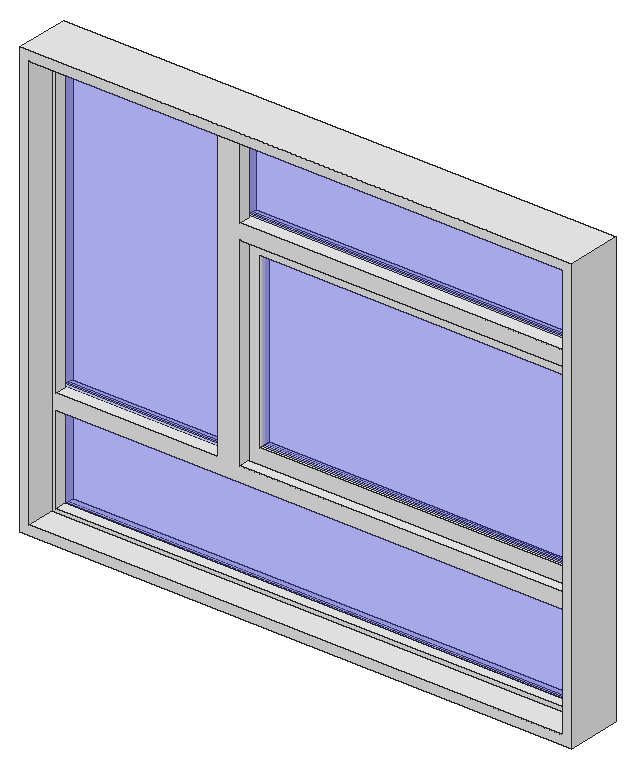
Revit family "7206fd5debd94474a8e6067b6623290f", category Windows, host Wall, Revit 2021
Family settings
  Host = Wall
  OmniClass Number = 23.30.20.00
  OmniClass Title = Windows
  Always vertical = Yes
  Cut with Voids When Loaded = No
  Shared = No
  Room Calculation Point = No
Parameters (values of type "61" x 48"")
  Window Inset [instance] = 0' - 0 5/8"
  Wall Thickness [instance] = 0' - 6"
  Visual Light Transmittance = 0.81
  Transom Height Ratio = 0.25
  Transom Height = Transom Height Ratio * Height  # 1' - 0"
  Thermal Resistance (R) = 1.8146 (h·ft²·°F)/BTU
  Solar Heat Gain Coefficient = 0.76
  Rough Width = Width + 0' 0 1/2"  # 5' - 1 1/2"
  Rough Height = Height + 0' 0 1/2"  # 4' - 0 1/2"
  Opening Window Width = Width / 3 * 2  # 3' - 4.66667"
  Opening Window Height = Height - Transom Height * 2  # 2' - 0"
  Heat Transfer Coefficient (U) = 0.5511 BTU/(h·ft²·°F)
  Frame Material = Metal - Aluminum
  Height = 4' - 0"
  Glass Panel Material = Glass
  Frame Gap 3 [instance] = Frame Gap 1 + 0' 0 1/4"  # 0' - 1 83/128"
  Frame Gap 2 [instance] = if(Window Inset > 0' 0 5/8", Window Inset, 0' 0 5/8")  # 0' - 0 5/8"
  Frame Gap 1 = 0' - 1 51/128"
  Fixed Window Width = Width / 3  # 1' - 8.33333"
  Fire Rating = "0.5h"
  Default Sill Height = 3' - 0"
  Wall Closure = By host
  Width = 5' - 1"
  Assembly Code = "B2020100"
  Analytic Construction = "Double glazing - domestic"
Types (4): name | Transom Height Ratio | Transom Height | Rough Width | Rough Height | Opening Window Width | Opening Window Height | Height | Fixed Window Width | Width
  (no name) | 0.25 | 1' - 0" | 5' - 1 1/2" | 4' - 0 1/2" | 3' - 4.66667" | 2' - 0" | 4' - 0" | 1' - 8.33333" | 5' - 1"
  72" x 53" | 0.3 | 1' - 3.9" | 6' - 0 1/2" | 4' - 5 1/2" | 4' - 0" | 1' - 9.2" | 4' - 5" | 2' - 0" | 6' - 0"
  61" x 48" | 0.25 | 1' - 0" | 5' - 1 1/2" | 4' - 0 1/2" | 3' - 4.66667" | 2' - 0" | 4' - 0" | 1' - 8.33333" | 5' - 1"
  85" x 60" | 0.3 | 1' - 6" | 7' - 1 1/2" | 5' - 0 1/2" | 4' - 8.66667" | 2' - 0" | 5' - 0" | 2' - 4.33333" | 7' - 1"
Reference planes (in)
  plane 1 "Center (Front/Back)": y = 0
  plane 2: z = 0
  plane 3 "Center (Left/Right)": x = 0
  plane 4 "Left": x = -30.5
  plane 5 "Right": x = 30.5
  plane 6 "Sill": z = 36
  plane 7 "Head": z = 84
  plane 8 "Exterior": y = 3
  plane 9 "Interior": y = -3
  plane 10 "Glass 1": y = 2.375
  plane 11: y = 0.15625
  plane 12: x = -29.5
  plane 13: x = 29.5
  plane 14: y = 1.375
  plane 15: x = -29.10156
  plane 16: x = 29.10156
  plane 17: x = -10.16667
  plane 18: x = 10.16667
  plane 19: x = -11.16667
  plane 20: x = -9.16667
  plane 21: x = -11.5651
  plane 22: x = -8.76823
  plane 23: z = 83
  plane 24: z = 37
  plane 25 "Sash Offset": y = 2.625
  plane 26: y = 3
  plane 27: x = -27.85156
  plane 28: x = -12.8151
  plane 29: x = -7.51823
  plane 30: x = 27.85156
  plane 31: z = 37.39844
  plane 32: z = 82.60156
  plane 33 "Lower Trasom": z = 48.82422
  plane 34 "Glass 2": y = 2.125
  plane 35 "Glass 3": y = 1.875
  plane 36 "Glass 4": y = 1.625
  plane 37: z = 60
  plane 38 "Mullion Offset": y = 2.875
  plane 39: z = 47.17578
  plane 40: z = 71.17578
  plane 41: z = 72.82422
  plane 42: z = 72
  plane 43: z = 48
Forms (in)
  Sweep 1, solid, material "Metal - Aluminum" <- "Frame Material"
    path origin (0, 0, 0) x (1, 0, 0) y (0, 0, 1)
      loop
        line (-30.5, 36) -> (30.5, 36) -> (30.5, 84) -> (-30.5, 84) -> (-30.5, 36)
    profile origin (-30.5, 0, 60) x (-1, 0, 0) y (0, -1, 0)
      loop
        line (0, -3) -> (0, 3) -> (-1, 3) -> (-1, -0.15625) -> (-1.39844, -0.15625) -> (-1.39844, -1.375) -> (-1, -1.375) -> (-1, -3) -> (0, -3)
  Extrusion 2, solid, material "Metal - Aluminum" <- "Frame Material"
    sketch origin (0, 0, 36) x (0, -1, 0) y (1, 0, 0)
      loop
        line (-2.875, -11.16667) -> (-0.15625, -11.16667) -> (-0.15625, -8.76823) -> (-1.375, -8.76823) -> (-1.375, -9.16667) -> (-2.875, -9.16667) -> (-2.875, -11.16667)
    from 12.82422 to 47
  Extrusion 3, solid, material "Glass" <- "Glass Panel Material"
    sketch origin (0, 0, 36) x (0, -1, 0) y (1, 0, 0)
      loop
        line (-2.375, -7.51823) -> (-2.125, -7.51823) -> (-2.125, 27.85156) -> (-2.375, 27.85156) -> (-2.375, -7.51823)
      loop
        line (-1.875, -7.51823) -> (-1.625, -7.51823) -> (-1.625, 27.85156) -> (-1.875, 27.85156) -> (-1.875, -7.51823)
    from 14.47266 to 33.52734
  Extrusion 4, solid, material "Metal - Aluminum" <- "Frame Material"
    sketch origin (-7.51823, 7.34112, 48) x (0, 1, 0) y (0, 0, 1)
      loop
        line (-4.46612, 0.82422) -> (-7.18487, 0.82422) -> (-7.18487, -0.82422) -> (-4.46612, -0.82422) -> (-4.46612, 0.82422)
    from -21.98177 to 37.01823
  Extrusion 5, solid, material "Glass" <- "Glass Panel Material"
    sketch origin (0, 0, 36) x (0, -1, 0) y (1, 0, 0)
      loop
        line (-2.375, -29.5) -> (-2.125, -29.5) -> (-2.125, -11.16667) -> (-2.375, -11.16667) -> (-2.375, -29.5)
      loop
        line (-1.875, -29.5) -> (-1.625, -29.5) -> (-1.625, -11.16667) -> (-1.875, -11.16667) -> (-1.875, -29.5)
    from 12.82422 to 47
  Extrusion 6, solid, material "Metal - Aluminum" <- "Frame Material"
    sketch origin (30.5, 0, 0) x (0, -1, 0) y (0, 0, 1)
      loop
        line (-2.875, 71.17578) -> (-0.15625, 71.17578) -> (-0.15625, 72.82422) -> (-2.875, 72.82422) -> (-2.875, 71.17578)
    from 1 to 39.66667
  Extrusion 7, solid, material "Glass" <- "Glass Panel Material"
    sketch origin (0, 0, 36) x (0, -1, 0) y (1, 0, 0)
      loop
        line (-1.875, -9.16667) -> (-1.625, -9.16667) -> (-1.625, 29.5) -> (-1.875, 29.5) -> (-1.875, -9.16667)
      loop
        line (-2.375, -9.16667) -> (-2.125, -9.16667) -> (-2.125, 29.5) -> (-2.375, 29.5) -> (-2.375, -9.16667)
    from 36.82422 to 47
  Extrusion 8, solid, material "Glass" <- "Glass Panel Material"
    sketch origin (0, 0, 36) x (0, -1, 0) y (1, 0, 0)
      loop
        line (-2.375, -29.5) -> (-2.125, -29.5) -> (-2.125, 29.5) -> (-2.375, 29.5) -> (-2.375, -29.5)
      loop
        line (-1.875, -29.5) -> (-1.625, -29.5) -> (-1.625, 29.5) -> (-1.875, 29.5) -> (-1.875, -29.5)
    from 1 to 11.17578
  Sweep 9, solid, material "Metal - Aluminum" <- "Frame Material"
    path origin (-18.69568, 2.625, 48) x (-1, 0, 0) y (0, 0, 1)
      loop
        line (-48.19568, 0.82422) -> (-9.52901, 0.82422) -> (-9.52901, 23.17578) -> (-48.19568, 23.17578) -> (-48.19568, 0.82422)
    profile origin (29.5, 2.625, 60) x (1, 0, 0) y (0, 1, 0)
      loop
        line (-1.64844, 0) -> (-1.64844, -1.25) -> (0, -1.25) -> (0, 0) -> (-1.64844, 0)
Cuts and joins
  joined: Sweep 1, Extrusion 2, Extrusion 4, Extrusion 6
Lines and regions (in)
  Opening 1
    outline origin (-60, -3, 0) x (1, 0, 0) y (0, 0, 1)
      loop
        line (29.5, 84) -> (29.5, 36) -> (90.5, 36) -> (90.5, 84) -> (29.5, 84)
  symbolic lines, style "Elevation Swing"
    curve 1: line (10.16667, 2.625, 71.17578) -> (29.5, 2.625, 48.82422)
    curve 2: line (10.16667, 2.625, 71.17578) -> (-9.16667, 2.625, 48.82422)
Text (in)
  text "EXTERIOR" at (-58.6888, 50.90694, 0), in view "Ref. Level"
  text "INTERIOR" at (-58.6888, -37.76638, 0), in view "Ref. Level"
  text "Exterior" at (0, 43.65631, 123.19604), in view "Left"
  text "Exterior" at (0, 18.29385, 125.04747), in view "Right"
Dimensions and locks (in)
  equal spacing: plane 4 "Left", plane 3 "Center (Left/Right)", plane 5 "Right"
  "Width": plane 4 "Left" to plane 5 "Right"
  "Height": plane 6 "Sill" to plane 7 "Head"
  "Default Sill Height": plane 2 to plane 6 "Sill"
  locked: plane 4 "Left" to plane 12 at 1
  locked: plane 13 to plane 5 "Right" at 1
  "Frame Gap 1": plane 4 "Left" to plane 15
  "Frame Gap 1": plane 16 to plane 5 "Right"
  locked: plane 14 to plane 11 at 1.21875
  equal spacing: plane 4 "Left", plane 17, plane 18, plane 5 "Right"
  locked: plane 19 to plane 17 at 1
  locked: plane 17 to plane 20 at 1
  "Frame Gap 1": plane 21 to plane 17
  "Frame Gap 1": plane 17 to plane 22
  locked: plane 7 "Head" to plane 23 at 1
  locked: plane 24 to plane 6 "Sill" at 1
  "Frame Gap 2": plane 26 to plane 10 "Glass 1"
  "Frame Gap 3": plane 12 to plane 27
  "Frame Gap 3": plane 28 to plane 19
  "Frame Gap 3": plane 20 to plane 29
  "Frame Gap 3": plane 30 to plane 13
  "Frame Gap 1": plane 6 "Sill" to plane 31
  "Frame Gap 1": plane 32 to plane 7 "Head"
  locked: plane 10 "Glass 1" to plane 34 "Glass 2" at 0.25
  locked: plane 34 "Glass 2" to plane 35 "Glass 3" at 0.25
  locked: plane 35 "Glass 3" to plane 36 "Glass 4" at 0.25
  locked: plane 10 "Glass 1" to plane 14 at 1
  locked: plane 25 "Sash Offset" to plane 10 "Glass 1" at 0.25
  locked: plane 38 "Mullion Offset" to plane 25 "Sash Offset" at 0.25
  "Frame Gap 3": plane 39 to plane 33 "Lower Trasom"
  "Frame Gap 3": plane 40 to plane 41
  equal spacing: plane 39, plane 37, plane 41
  "Window Inset": plane 8 "Exterior" to plane 10 "Glass 1"
  "Wall Thickness": host wall to host wall
  equal spacing: plane 40, plane 42, plane 41
  "Transom Height": plane 42 to plane 7 "Head"
  equal spacing: plane 39, plane 43, plane 33 "Lower Trasom"
  "Transom Height": plane 6 "Sill" to plane 43
  aligned and locked: plane 7 "Head" to Opening 1 sketch curve
  aligned and locked: plane 6 "Sill" to Opening 1 sketch curve  (x2)
  aligned and locked: plane 5 "Right" to Opening 1 sketch curve
  aligned and locked: plane 4 "Left" to Opening 1 sketch curve
  aligned and locked: level to plane 2
  aligned and locked: host wall to plane 8 "Exterior"
  aligned and locked: plane 9 "Interior" to host wall
  aligned and locked: Sweep 1 sketch curve to plane 4 "Left"  (x2)
  aligned and locked: plane 7 "Head" to Sweep 1 sketch curve  (x2)
  aligned and locked: plane 5 "Right" to Sweep 1 sketch curve  (x2)
  aligned and locked: plane 6 "Sill" to Sweep 1 sketch curve  (x2)
  aligned and locked: plane 4 "Left" to Sweep 1 sketch curve  (x2)
  aligned and locked: Sweep 1 sketch curve to plane 14
  aligned and locked: Sweep 1 sketch curve to plane 15
  aligned and locked: plane 11 to Sweep 1 sketch curve  (x2)
  aligned and locked: plane 9 "Interior" to Sweep 1 sketch curve  (x2)
  aligned and locked: plane 12 to Sweep 1 sketch curve  (x2)
  aligned and locked: plane 15 to Sweep 1 sketch curve
  aligned and locked: plane 14 to Sweep 1 sketch curve
  aligned and locked: Extrusion 2 to Sweep 1
  aligned and locked: plane 26 to Sweep 1 sketch curve  (x2)
  aligned and locked: plane 38 "Mullion Offset" to Extrusion 2
  aligned and locked: plane 13 to Extrusion 4
  aligned and locked: plane 10 "Glass 1" to Extrusion 5 sketch curve
  aligned and locked: Extrusion 5 sketch curve to plane 12  (x2)
  aligned and locked: Extrusion 5 sketch curve to plane 34 "Glass 2"
  aligned and locked: Extrusion 5 sketch curve to plane 35 "Glass 3"
  aligned and locked: Extrusion 5 sketch curve to plane 36 "Glass 4"
  aligned and locked: plane 19 to Extrusion 5 sketch curve
  aligned and locked: plane 23 to Extrusion 5
  aligned and locked: Extrusion 5 to plane 33 "Lower Trasom"
  aligned and locked: Extrusion 2 to plane 33 "Lower Trasom"
  aligned and locked: Extrusion 4 to plane 12
  aligned and locked: plane 13 to Extrusion 6
  aligned and locked: Extrusion 6 to plane 20
  aligned and locked: plane 33 "Lower Trasom" to Extrusion 4 sketch curve
  aligned and locked: Extrusion 4 sketch curve to plane 39
  aligned and locked: Extrusion 4 sketch curve to plane 11
  aligned and locked: Extrusion 2 sketch curve to plane 19
  aligned and locked: Extrusion 2 sketch curve to plane 11
  aligned and locked: Extrusion 2 sketch curve to plane 22
  aligned and locked: Extrusion 2 sketch curve to plane 38 "Mullion Offset"
  aligned and locked: plane 20 to Extrusion 2 sketch curve  (x2)
  aligned and locked: plane 14 to Extrusion 2 sketch curve  (x2)
  aligned and locked: plane 22 to Extrusion 2 sketch curve
  aligned and locked: plane 19 to Extrusion 2 sketch curve
  aligned and locked: plane 11 to Extrusion 2 sketch curve
  aligned and locked: Extrusion 7 to plane 41
  aligned and locked: plane 23 to Extrusion 7
  aligned and locked: plane 10 "Glass 1" to Extrusion 8 sketch curve
  aligned and locked: Extrusion 8 sketch curve to plane 12  (x2)
  aligned and locked: Extrusion 8 sketch curve to plane 34 "Glass 2"
  aligned and locked: plane 13 to Extrusion 8 sketch curve  (x2)
  aligned and locked: Extrusion 8 sketch curve to plane 35 "Glass 3"
  aligned and locked: Extrusion 8 sketch curve to plane 36 "Glass 4"
  aligned and locked: plane 39 to Extrusion 8
  aligned and locked: Extrusion 8 to plane 24
  aligned and locked: Sweep 9 sketch curve to profile plane
  aligned and locked: plane 30 to Sweep 9 sketch curve
  aligned and locked: Sweep 9 sketch curve to cut or joined group of Sweep 1, Extrusion 2, Extrusion 4, Extrusion 6
  aligned and locked: cut or joined group of Sweep 1, Extrusion 2, Extrusion 4, Extrusion 6 to Sweep 9 sketch curve
  aligned and locked: Sweep 9 sketch curve to plane 40
  aligned and locked: plane 33 "Lower Trasom" to Sweep 9 sketch curve  (x2)
  aligned and locked: plane 13 to Sweep 9 sketch curve  (x2)
  aligned and locked: Extrusion 3 to Sweep 9  (x2)
  aligned and locked: Extrusion 6 sketch curve to plane 38 "Mullion Offset"
  aligned and locked: Extrusion 6 sketch curve to plane 41
  aligned and locked: plane 40 to Extrusion 6 sketch curve
  aligned and locked: plane 11 to Extrusion 6 sketch curve
  aligned and locked: plane 41 to Extrusion 6 sketch curve
  aligned and locked: Extrusion 8 to Extrusion 7 sketch curve
  aligned and locked: Extrusion 7 sketch curve to plane 20  (x2)
  aligned and locked: Extrusion 7 sketch curve to Extrusion 8  (x4)
  aligned and locked: plane 10 "Glass 1" to Extrusion 7 sketch curve
  aligned and locked: plane 10 "Glass 1" to Extrusion 3 sketch curve
  aligned and locked: Extrusion 3 sketch curve to plane 29  (x2)
  aligned and locked: Extrusion 8 to Extrusion 3 sketch curve  (x3)
  aligned and locked: plane 30 to Extrusion 3 sketch curve  (x2)
  aligned and locked: plane 20 to Sweep 9 sketch curve  (x2)
  aligned and locked: plane 40 to Sweep 9 sketch curve
  aligned and locked: plane 40 to curve 2
  aligned and locked: plane 18 to curve 2
  aligned and locked: plane 33 "Lower Trasom" to curve 1
  aligned and locked: plane 13 to curve 1
  aligned and locked: plane 33 "Lower Trasom" to curve 2
  aligned and locked: plane 20 to curve 2
  aligned and locked: plane 17 to nested 1
  aligned and locked: nested 1 to plane 8 "Exterior"
  aligned and locked: nested 2 to plane 4 "Left"
  aligned and locked: plane 33 "Lower Trasom" to nested 2
  aligned and locked: nested 2 to plane 8 "Exterior"
  aligned and locked: nested 3 to plane 8 "Exterior"
  aligned and locked: nested 3 to plane 4 "Left"
  aligned and locked: nested 3 to plane 7 "Head"
  aligned and locked: plane 40 to nested 1
  aligned and locked: plane 38 "Mullion Offset" to Extrusion 4 sketch curve
Automatic sketch dimensions
  Extrusion 5 sketch curve to plane 34 "Glass 2" = 0' - 0"
  Extrusion 5 sketch curve to plane 19 = 0' - 0"
Nested families (in)
  nested 1: "Plan-Awning" at (10.16667, 3, 47.17578), Window Inset <- "Window Inset", Width <- "Opening Window Width", Height <- "Opening Window Height", Wall Thickness <- "Wall Thickness", type "Plan-Awning"
    with Window Inset of 3D 0' - 0 1/8", Window Inset 0' - 0 5/8", Width 3' - 4.66667", Wall Thickness 0' - 6", Top Line no, Right Line yes, Left Line no, Height 2' - 0", Bottom Line no
  nested 2: "Plan-Fixed_Simple" at (-20.33333, 3, 36.82422), Window Inset <- "Window Inset", Width <- "Fixed Window Width", Height <- "Transom Height", Wall Thickness <- "Wall Thickness", type "Plan-Fixed_Simple"
    with Window Inset of 3D 0' - 0 1/8", Window Inset 0' - 0 5/8", Width 1' - 8.33333", Wall Thickness 0' - 6", Top Line no, Right Line no, Left Line yes, Height 1' - 0", Bottom Line yes
  nested 3: "Plan-Fixed_Simple" at (-20.33333, 3, 72), Window Inset <- "Window Inset", Width <- "Fixed Window Width", Height <- "Transom Height", Wall Thickness <- "Wall Thickness", type "Plan-Fixed_Simple"
    with Window Inset of 3D 0' - 0 1/8", Window Inset 0' - 0 5/8", Width 1' - 8.33333", Wall Thickness 0' - 6", Top Line yes, Right Line no, Left Line yes, Height 1' - 0", Bottom Line no
Definition of nested family "Plan-Awning"
  Parameters (values of type "Plan-Awning")
    Window Inset [instance] = 0' - 2"
    Window Inset of 3D [instance] = if(Window Inset - 0' 0 1/2" < 0' 0", 0' 0", if(Window Inset - 0' 0 1/2" < Wall Thickness - 0' 3 1/2", Window Inset - 0' 0 1/2", Wall Thickness - 0' 3 1/2"))  # 0' - 1 1/2"
    Width [instance] = 4' - 0"
    Wall Thickness [instance] = 0' - 6"
    Top Line [instance] = yes
    Rough Width = 3' - 0 1/2"
    Rough Height = 3' - 0 1/2"
    Right Line [instance] = yes
    Left Line [instance] = yes
    Height [instance] = 4' - 0"
    Default Elevation = 4' - 0"
    Bottom Line [instance] = yes
    Analytic Construction = "<None>"
  Reference planes (in)
    plane 1 "Center (Front/Back)": y = 0
    plane 2: z = 0
    plane 3 "Center (Left/Right)": x = 0
    plane 4: x = -24
    plane 5: x = 24
    plane 6 "Jamb": y = -5
    plane 7: x = -23.5
    plane 8: x = -22.75
    plane 9: y = -1.5
    plane 10: y = -3.25
    plane 11: y = -2.375
    plane 12: x = -21.25
    plane 13: x = 23.5
    plane 14: x = 22.75
    plane 15: x = 21.25
    plane 16 "Window Inset": y = -2
    plane 17 "Wall": y = -6
    plane 18: z = 48
    plane 19: z = 47.5
    plane 20: z = 0.5
    plane 21: z = 46.75
    plane 22: z = 1.25
    plane 23: z = 45.25
    plane 24: z = 2.75
    plane 25: z = 24
  Lines and regions (in)
    Masking region 1
      outline origin (0, 0.75, 0) x (1, 0, 0) y (0, 1, 0)
        loop
          line (-24, -6.75) -> (24, -6.75) -> (24, -0.75) -> (-24, -0.75) -> (-24, -6.75)
    Masking region 2
      outline origin (0, 0, 0) x (0, 1, 0) y (0, 0, 1)
        loop
          line (-6, 48) -> (-6, 0) -> (0, 0) -> (0, 48) -> (-6, 48)
    symbolic lines
      curve 1: line (-23.5, -3.25, 0) -> (-22.75, -3.25, 0)
      curve 2: line (-22.75, -3.25, 0) -> (-22.75, -5, 0)
      curve 3: line (-23.5, -1.5, 0) -> (-23.5, -3.25, 0)
      curve 4: line (-21.25, -1.5, 0) -> (-21.25, -3.25, 0)
      curve 5: line (-21.25, -3.25, 0) -> (-22.75, -3.25, 0)
      curve 6: line (-21.25, -2.375, 0) -> (21.25, -2.375, 0)
      curve 7: line (22.75, -3.25, 0) -> (22.75, -5, 0)
      curve 8: line (23.5, -1.5, 0) -> (23.5, -3.25, 0)
      curve 9: line (21.25, -1.5, 0) -> (21.25, -3.25, 0)
      curve 10: line (21.25, -3.25, 0) -> (23.5, -3.25, 0)
      curve 11: line (-24, -5, 0) -> (-22.75, -5, 0)
      curve 12: line (22.75, -5, 0) -> (-22.75, -5, 0)
      curve 13: line (0, -3.25, 46.75) -> (0, -5, 46.75)
      curve 14: line (0, -5, 0) -> (0, -5, 1.25)
      curve 15: line (0, -1.5, 0.5) -> (0, -3.25, 0.5)
      curve 16: line (0, -3.25, 0.5) -> (0, -3.25, 2.75)
      curve 17: line (0, -3.25, 1.25) -> (0, -5, 1.25)
      curve 18: line (0, -1.5, 48) -> (0, -1.5, 45.25)
      curve 19: line (0, -1.5, 45.25) -> (0, -3.25, 45.25)
      curve 20: line (0, -3.25, 2.75) -> (0, -1.5, 2.75)
      curve 21: line (0, -2.375, 2.75) -> (0, -2.375, 45.25)
      curve 22: line (0, -3.25, 47.5) -> (0, -3.25, 45.25)
      curve 23: line (21.25, -1.5, 0) -> (24, -1.5, 0)
      curve 24: line (21.25, -1.5, 0) -> (-21.25, -1.5, 0)
      curve 25: line (0, -1.5, 2.75) -> (0, -1.5, 0)
      curve 26: line (-21.25, -1.5, 0) -> (-24, -1.5, 0)
      curve 27: line (0, -1.5, 45.25) -> (0, -1.5, 2.75)
      curve 28: arc (0, -1.5, 0.5) -> (0, 7.027, 2.445) -> (0, 14.25352, 7.37148) r 23.51628
      curve 29: line (0, -2.375, 24) -> (0, 14.25352, 7.37148)
      curve 30: arc (0, -3.25, 47.5) -> (0, -11.777, 45.555) -> (0, -19.00352, 40.62852) r 23.51628
      curve 31: line (0, -2.375, 24) -> (0, -19.00352, 40.62852)
      curve 36: line (22.75, -5, 0) -> (24, -5, 0)
      curve 37: line (0, -1.5, 47.5) -> (0, -3.25, 47.5)
      curve 38: line (0, -5, 46.75) -> (0, -5, 48)
      curve 39: line (0, -5, 1.25) -> (0, -5, 46.75)
    symbolic lines, visible <- "Top Line"
      curve 32: line (0, 0, 48) -> (0, -6, 48)
    symbolic lines, visible <- "Bottom Line"
      curve 33: line (0, 0, 0) -> (0, -6, 0)
    symbolic lines, visible <- "Left Line"
      curve 34: line (-24, 0, 0) -> (-24, -6, 0)
    symbolic lines, visible <- "Right Line"
      curve 35: line (24, 0, 0) -> (24, -6, 0)
  Dimensions and locks (in)
    "Width": plane 4 to plane 5
    equal spacing: plane 4, plane 3 "Center (Left/Right)", plane 5
    plane 4 to plane 7 to plane 8 = 0' - 0 1/2" locked, 0' - 0 3/4" locked
    equal spacing: plane 9, plane 11, plane 10
    locked: plane 7 to plane 12 at 2.25
    plane 5 to plane 13 to plane 14 = 0' - 0 1/2" locked, 0' - 0 3/4" locked
    locked: plane 13 to plane 15 at 2.25
    locked: plane 9 to plane 16 "Window Inset" at 0.5
    locked: plane 9 to plane 10 at 1.75
    "Wall Thickness": plane 17 "Wall" to plane 1 "Center (Front/Back)"
    "Height": plane 18 to plane 2
    locked: plane 18 to plane 19 at 0.5
    locked: plane 20 to plane 2 at 0.5
    locked: plane 19 to plane 21 at 0.75
    locked: plane 22 to plane 20 at 0.75
    locked: plane 19 to plane 23 at 2.25
    locked: plane 24 to plane 20 at 2.25
    locked: plane 10 to plane 6 "Jamb" at 1.75
    "Window Inset of 3D": plane 9 to plane 1 "Center (Front/Back)"
    equal spacing: plane 18, plane 25, plane 2
    locked: curve 29 to plane 11 (angle 45.00°)
    locked: curve 31 to plane 11 (angle 45.00°)
    aligned and locked: plane 2 to level
    aligned and locked: curve 2 to plane 8
    aligned and locked: curve 1 to plane 10
    aligned and locked: plane 4 to Masking region 1 sketch curve
    aligned and locked: Masking region 1 sketch curve to plane 5
    aligned and locked: plane 14 to curve 7
    aligned and locked: Masking region 1 sketch curve to plane 17 "Wall"
    aligned and locked: plane 1 "Center (Front/Back)" to Masking region 1 sketch curve
    aligned and locked: Masking region 2 sketch curve to plane 18
    aligned and locked: plane 17 "Wall" to Masking region 2 sketch curve
    aligned and locked: level to Masking region 2 sketch curve
    aligned and locked: plane 6 "Jamb" to curve 14
    aligned and locked: plane 21 to curve 13
    aligned and locked: plane 22 to curve 17  (x2)
    aligned and locked: plane 10 to curve 16  (x2)
    aligned and locked: plane 20 to curve 15
    aligned and locked: curve 18 to plane 9
    aligned and locked: plane 23 to curve 19
    aligned and locked: curve 20 to plane 24
    aligned and locked: plane 11 to curve 21
    aligned and locked: plane 18 to curve 18
    aligned and locked: plane 9 to curve 15
    aligned and locked: plane 9 to curve 3
    aligned and locked: plane 19 to curve 22
    aligned and locked: plane 23 to curve 22
    aligned and locked: plane 9 to curve 24
    aligned and locked: plane 4 to curve 26
    aligned and locked: plane 9 to curve 25
    aligned and locked: plane 24 to curve 25
    aligned and locked: plane 2 to curve 25
    aligned and locked: curve 4 to plane 12
    aligned and locked: plane 24 to curve 27
    aligned and locked: plane 25 to curve 29
    aligned and locked: plane 25 to curve 31
    aligned and locked: plane 11 to curve 31
    aligned and locked: plane 1 "Center (Front/Back)" to curve 32
    aligned and locked: plane 17 "Wall" to curve 32
    aligned and locked: curve 32 to plane 18
    aligned and locked: plane 17 "Wall" to curve 33
    aligned and locked: plane 1 "Center (Front/Back)" to curve 33
    aligned and locked: curve 33 to plane 2
    aligned and locked: plane 4 to curve 11
    aligned and locked: plane 17 "Wall" to curve 35
    aligned and locked: curve 35 to plane 5
    aligned and locked: plane 5 to curve 36
    aligned and locked: plane 14 to curve 36
    aligned and locked: curve 36 to plane 6 "Jamb"
    aligned and locked: plane 17 "Wall" to curve 34
    aligned and locked: plane 9 to curve 37
    aligned and locked: plane 10 to curve 37
    aligned and locked: curve 37 to plane 19
    aligned and locked: plane 1 "Center (Front/Back)" to curve 35
    aligned and locked: plane 1 "Center (Front/Back)" to curve 34
    aligned and locked: plane 22 to curve 39
    aligned and locked: plane 21 to curve 38
    aligned and locked: curve 39 to plane 6 "Jamb"
    aligned and locked: curve 38 to plane 6 "Jamb"
  Automatic sketch dimensions
    curve 28 to curve 30 = 0' - 0"  (x2)
    curve 17 to plane 6 "Jamb" = 0' - 0"
    curve 13 to plane 6 "Jamb" = 0' - 0"
    curve 30 to plane 11 = 0' - 0"
    curve 28 to plane 20 = 0' - 0"
    curve 30 to plane 25 = 0' - 0"
    curve 3 to plane 7 = 0' - 0"
    curve 9 to plane 15 = 0' - 0"
    curve 8 to plane 10 = 0' - 0"
    curve 8 to plane 13 = 0' - 0"
    curve 6 to plane 11 = 0' - 0"
    Masking region 2 sketch curve to plane 1 "Center (Front/Back)" = 0' - 0"
Definition of nested family "Plan-Fixed_Simple"
  Parameters (values of type "Plan-Fixed_Simple")
    Window Inset [instance] = 0' - 1"
    Window Inset of 3D [instance] = if(Window Inset - 0' 0 1/2" < 0' 0", 0' 0", if(Window Inset - 0' 0 1/2" < Wall Thickness - 0' 3 1/2", Window Inset - 0' 0 1/2", Wall Thickness - 0' 3 1/2"))  # 0' - 0 1/2"
    Width [instance] = 4' - 0"
    Wall Thickness [instance] = 0' - 6"
    Top Line [instance] = yes
    Right Line [instance] = yes
    Left Line [instance] = yes
    Height [instance] = 3' - 0"
    Default Elevation = 4' - 0"
    Bottom Line [instance] = yes
    Analytic Construction = "<None>"
  Reference planes (in)
    plane 1 "Center (Front/Back)": y = 0
    plane 2: z = 0
    plane 3 "Center (Left/Right)": x = 0
    plane 4: x = -24
    plane 5: x = 24
    plane 6 "Jamb": y = -4
    plane 7: x = -23.5
    plane 8: y = -0.5
    plane 9: y = -2.25
    plane 10: y = -1.375
    plane 11: x = 23.5
    plane 12 "Window Inset": y = -1
    plane 13 "Wall": y = -6
    plane 14: z = 36
    plane 15: z = 35.5
    plane 16: z = 0.5
    plane 17: z = 34.75
    plane 18: z = 1.25
    plane 19: z = 33.25
    plane 20: z = 2.75
  Lines and regions (in)
    Masking region 1
      outline origin (0, 0.75, 0) x (1, 0, 0) y (0, 1, 0)
        loop
          line (-24, -0.75) -> (-24, -6.75) -> (24, -6.75) -> (24, -0.75) -> (-24, -0.75)
    Masking region 2
      outline origin (0, 0, 0) x (0, 1, 0) y (0, 0, 1)
        loop
          line (-6, 0) -> (0, 0) -> (0, 36) -> (-6, 36) -> (-6, 0)
    symbolic lines
      curve 1: line (-23.5, -0.5, 0) -> (-23.5, -4, 0)
      curve 2: line (-23.5, -1.375, 0) -> (23.5, -1.375, 0)
      curve 3: line (23.5, -0.5, 0) -> (23.5, -4, 0)
      curve 4: line (-24, -4, 0) -> (-23.5, -4, 0)
      curve 5: line (23.5, -4, 0) -> (24, -4, 0)
      curve 6: line (23.5, -4, 0) -> (-23.5, -4, 0)
      curve 7: line (0, -0.5, 35.5) -> (0, -4, 35.5)
      curve 8: line (0, -4, 0.5) -> (0, -4, 35.5)
      curve 9: line (0, -0.5, 0.5) -> (0, -4, 0.5)
      curve 10: line (0, -0.5, 36) -> (0, -0.5, 35.5)
      curve 11: line (0, -1.375, 0.5) -> (0, -1.375, 35.5)
      curve 12: line (23.5, -0.5, 0) -> (24, -0.5, 0)
      curve 13: line (-23.5, -0.5, 0) -> (-24, -0.5, 0)
      curve 14: line (0, -0.5, 0.5) -> (0, -0.5, 0)
      curve 15: line (-23.5, -0.5, 0) -> (23.5, -0.5, 0)
      curve 16: line (0, -0.5, 0.5) -> (0, -0.5, 35.5)
      curve 17: line (0, -4, 0.5) -> (0, -4, 0)
      curve 18: line (0, -4, 35.5) -> (0, -4, 36)
    symbolic lines, visible <- "Left Line"
      curve 19: line (-24, 0, 0) -> (-24, -6, 0)
    symbolic lines, visible <- "Right Line"
      curve 20: line (24, 0, 0) -> (24, -6, 0)
    symbolic lines, visible <- "Top Line"
      curve 21: line (0, 0, 36) -> (0, -6, 36)
    symbolic lines, visible <- "Bottom Line"
      curve 22: line (0, 0, 0) -> (0, -6, 0)
  Dimensions and locks (in)
    "Width": plane 4 to plane 5
    equal spacing: plane 4, plane 3 "Center (Left/Right)", plane 5
    locked: plane 4 to plane 7 at 0.5
    equal spacing: plane 8, plane 10, plane 9
    locked: plane 5 to plane 11 at 0.5
    locked: plane 8 to plane 12 "Window Inset" at 0.5
    locked: plane 8 to plane 9 at 1.75
    "Wall Thickness": plane 13 "Wall" to plane 1 "Center (Front/Back)"
    "Height": plane 14 to plane 2
    locked: plane 14 to plane 15 at 0.5
    locked: plane 16 to plane 2 at 0.5
    locked: plane 15 to plane 17 at 0.75
    locked: plane 18 to plane 16 at 0.75
    locked: plane 15 to plane 19 at 2.25
    locked: plane 20 to plane 16 at 2.25
    locked: plane 9 to plane 6 "Jamb" at 1.75
    "Window Inset of 3D": plane 8 to plane 1 "Center (Front/Back)"
    aligned and locked: plane 2 to level
    aligned and locked: Masking region 1 sketch curve to plane 13 "Wall"
    aligned and locked: curve 4 to plane 6 "Jamb"
    aligned and locked: curve 5 to plane 6 "Jamb"
    aligned and locked: plane 1 "Center (Front/Back)" to Masking region 1 sketch curve  (x2)
    aligned and locked: plane 13 "Wall" to Masking region 2 sketch curve  (x2)
    aligned and locked: plane 6 "Jamb" to curve 8
    aligned and locked: plane 15 to curve 7
    aligned and locked: plane 16 to curve 9
    aligned and locked: curve 10 to plane 8
    aligned and locked: plane 10 to curve 11
    aligned and locked: plane 5 to curve 12
    aligned and locked: plane 14 to curve 10
    aligned and locked: plane 8 to curve 7
    aligned and locked: plane 4 to curve 13
    aligned and locked: plane 8 to curve 14
    aligned and locked: plane 2 to curve 14
    aligned and locked: curve 1 to plane 7
    aligned and locked: plane 11 to curve 3
    aligned and locked: curve 15 to plane 8
    aligned and locked: curve 18 to plane 6 "Jamb"
    aligned and locked: plane 4 to Masking region 1 sketch curve
    aligned and locked: Masking region 1 sketch curve to plane 5
    aligned and locked: plane 14 to Masking region 2 sketch curve
    aligned and locked: Masking region 2 sketch curve to plane 2
    aligned and locked: plane 13 "Wall" to Masking region 1 sketch curve
    aligned and locked: plane 1 "Center (Front/Back)" to curve 19
    aligned and locked: plane 13 "Wall" to curve 19
    aligned and locked: curve 19 to plane 4
    aligned and locked: plane 1 "Center (Front/Back)" to curve 20
    aligned and locked: plane 13 "Wall" to curve 20
    aligned and locked: curve 20 to plane 5
    aligned and locked: plane 1 "Center (Front/Back)" to Masking region 2 sketch curve
    aligned and locked: plane 1 "Center (Front/Back)" to curve 21
    aligned and locked: plane 13 "Wall" to curve 21
    aligned and locked: curve 21 to plane 14
    aligned and locked: plane 1 "Center (Front/Back)" to curve 22
    aligned and locked: plane 13 "Wall" to curve 22
    aligned and locked: curve 22 to plane 2
  Automatic sketch dimensions
    curve 2 to plane 10 = 0' - 0"
